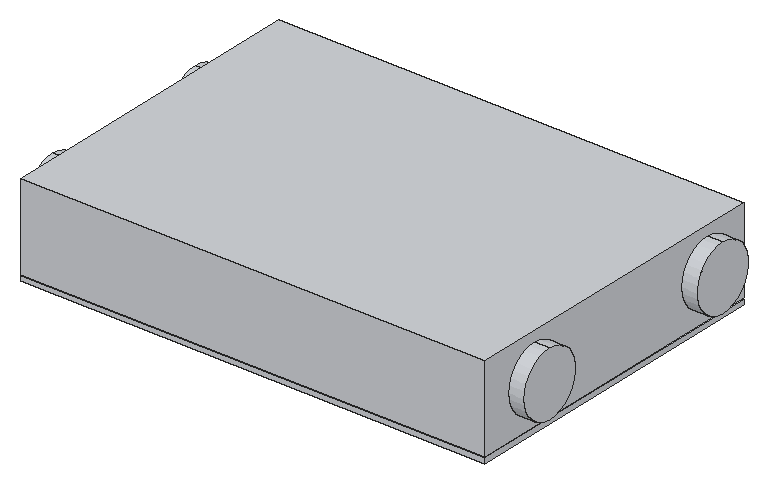
Revit family "AHU 4 _4", category Mechanické zařízení, Revit 2018
Family settings
  Kóta kulaté spojky = Použít průměr
  Typ dílu = Normální
  Číslo OmniClass = 23.75.00.00
  Nadpis OmniClass = Climate Control (HVAC)
  Založené na pracovní rovině = Ne
  Vždy vertikální = Ano
  Ořezat dutým tvarem při načtení = Ne
  Sdílené = Ne
  Bod výpočtu místnosti = Ne
Parameters (values of type "DUPLEXVENT 1500 Multi Eco")
  Width [instance] = 1.6 mm
  Weight [instance] = 269.00 kg
  URL = ""
  Type [instance] = "DUPLEXVENT 1500 Multi Eco"
  Total_SFP [instance] = 0
  Supply_outlet_hum [instance] = 90
  Supply_inlet_hum [instance] = 90
  Supply_ext_pressure [instance] = 0.0 Pa
  Supply_SFP [instance] = 0
  Source_adu_file [instance] = ""
  Recuperation_type [instance] = "Plate heat recovery exchanger"
  Recuperation_efficiency_EN308 [instance] = 0
  Project_name [instance] = ""
  Project_date [instance] = "10.8.2023"
  Power_supply_fusing [instance] = "0"
  Power_supply_cable [instance] = "0"
  Position [instance] = "AHU 4 "
  Phases_count [instance] = 1
  Panel_thickness [instance] = 0.06 mm
  Outer_surface [instance] = "RAL 9002"
  Length [instance] = 2.3 mm
  Insulation_type [instance] = "PUR"
  Insulation_thickness [instance] = 0.05 mm
  Installation_environment [instance] = ""
  Input_power_max [instance] = 1560 W
  Inner_surface [instance] = "Pozink"
  I2 [instance] = I1  # 0.0 L/s
  Height [instance] = 0.455 mm
  Exhaust_outlet_hum [instance] = 0
  Exhaust_inlet_hum [instance] = 40
  Exhaust_ext_pressure [instance] = 0.0 Pa
  Exhaust_SFP [instance] = 0
  E1 [instance] = E2 - M1  # 0.0 L/s
  E2 [instance] = 0.0 L/s
  I1 [instance] = 0.0 L/s
  Description = ""
  M1 [instance] = 0.0 L/s
  Device_dutypoint_version [instance] = "1"
  Device_design_version [instance] = "13"
  Device_adu_id [instance] = "4"
  Current_max [instance] = 7.8 A
  Casing_mat [instance] = "painted zinc layer"
  Cable type [instance] = "CYKY 3Jx2,5"
Reference planes
  plane 1 "Střed (vpředu/vzadu)": y = 0
  plane 2 "ref": z = 0
  plane 3 "Střed (vlevo/vpravo)": x = 0
Forms (mm)
  Sweep 1, solid
    path origin (0, 0, -425) x (0, 0, 1) y (1, 0, 0)
      loop
        line (0, 0) -> (425, 0)
    profile origin (0, 0, -425) x (1, 0, 0) y (0, 1, 0)
      loop
        line (0, 0) -> (2300, 0) -> (2300, 1600) -> (0, 1600) -> (0, 0)
  Sweep 2, solid
    path origin (2300, 300, -205) x (0, 0, -1) y (1, 0, 0)
      loop
        line (0, 0) -> (0, 80)
    profile origin (2300, 300, -205) x (0, 0, 1) y (0, -1, 0)
      loop
        circle (0, 0) r 158
  Sweep 3, solid
    path origin (0, 1185, -205) x (0, 0, -1) y (1, 0, 0)
      loop
        line (0, 0) -> (0, -80)
    profile origin (0, 1185, -205) x (0, 0, -1) y (0, -1, 0)
      loop
        circle (0, 0) r 158
  Sweep 4, solid
    path origin (0, 300, -205) x (0, 0, -1) y (1, 0, 0)
      loop
        line (0, 0) -> (0, -80)
    profile origin (0, 300, -205) x (0, 0, -1) y (0, -1, 0)
      loop
        circle (0, 0) r 158
  Sweep 5, solid
    path origin (2300, 1370, -205) x (0, 0, -1) y (1, 0, 0)
      loop
        line (0, 0) -> (0, 80)
    profile origin (2300, 1370, -205) x (0, 0, 1) y (0, -1, 0)
      loop
        circle (0, 0) r 158
  Sweep 6, solid
    path origin (2233, 1533, -425) x (0, -1, 0) y (0, 0, 1)
      loop
        line (0, 0) -> (0, -50)
    profile origin (2233, 1533, -425) x (-1, 0, 0) y (0, -1, 0)
      loop
        circle (0, 0) r 20
  Sweep 7, solid
    path origin (1051, 1533, -425) x (0, -1, 0) y (0, 0, 1)
      loop
        line (0, 0) -> (0, -50)
    profile origin (1051, 1533, -425) x (-1, 0, 0) y (0, -1, 0)
      loop
        circle (0, 0) r 20
  Sweep 8, solid
    path origin (0, 0, -455) x (0, 0, 1) y (1, 0, 0)
      loop
        line (0, 0) -> (25, 0)
    profile origin (0, 0, -455) x (1, 0, 0) y (0, 1, 0)
      loop
        line (0, 0) -> (2300, 0) -> (2300, 1600) -> (0, 1600) -> (0, 0)
  Sweep 9, solid
    path origin (0, 0, -415) x (0, 0, 1) y (1, 0, 0)
      loop
        line (0, 0) -> (305, 0)
    profile origin (0, 0, -415) x (1, 0, 0) y (0, 1, 0)
      loop
        line (1310, 1600) -> (1715, 1600) -> (1715, 1690) -> (1310, 1690) -> (1310, 1600)
  Sweep 10, solid
    path origin (1310, 1645, -263) x (0, 0, -1) y (1, 0, 0)
      loop
        line (0, 0) -> (0, -1)
    profile origin (1310, 1645, -263) x (0, 0, -1) y (0, -1, 0)
      loop
        circle (0, 0) r 10
Lines and regions (mm)
  model lines, style "Symbol"
    curve 1: line (1357, 0, 0) -> (1357, 320, 0)
    curve 2: line (1357, 1600, 0) -> (1357, 1280, 0)
    curve 3: line (0, 800, 0) -> (877, 800, 0)
    curve 4: line (2300, 800, 0) -> (1837, 800, 0)
    curve 5: line (877, 800, 0) -> (1117, 1280, 0)
    curve 6: line (1117, 1280, 0) -> (1597, 1280, 0)
    curve 7: line (1597, 1280, 0) -> (1837, 800, 0)
    curve 8: line (1837, 800, 0) -> (1597, 320, 0)
    curve 9: line (1597, 320, 0) -> (1357, 320, 0)
    curve 10: line (1357, 320, 0) -> (1117, 320, 0)
    curve 11: line (1117, 320, 0) -> (877, 800, 0)
    curve 12: line (352, 1086, 0) -> (96, 1130, 0)
    curve 13: line (352, 1314, 0) -> (96, 1270, 0)
    curve 14: line (1948, 1314, 0) -> (2204, 1270, 0)
    curve 15: line (1948, 1086, 0) -> (2204, 1130, 0)
    curve 16: line (2254, 640, 0) -> (2254, 160, 0)
    curve 17: line (2254, 160, 0) -> (2116, 160, 0)
    curve 18: line (2116, 160, 0) -> (2116, 640, 0)
    curve 19: line (2116, 640, 0) -> (2254, 640, 0)
    curve 20: line (2185, 640, 0) -> (2116, 400, 0)
    curve 21: line (2185, 160, 0) -> (2116, 400, 0)
    curve 22: line (46, 160, 0) -> (46, 640, 0)
    curve 23: line (46, 640, 0) -> (184, 640, 0)
    curve 24: line (184, 640, 0) -> (184, 160, 0)
    curve 25: line (184, 160, 0) -> (46, 160, 0)
    curve 26: line (115, 160, 0) -> (184, 400, 0)
    curve 27: line (115, 640, 0) -> (184, 400, 0)
    curve 28: line (1612, 316, 0) -> (1830, 744, 0)
    curve 29: line (1830, 744, 0) -> (1902, 708, 0)
    curve 30: line (1902, 708, 0) -> (1684, 280, 0)
    curve 31: line (1684, 280, 0) -> (1612, 316, 0)
    curve 32: line (1758, 584, 0) -> (1844, 612, 0)
    curve 33: line (1670, 412, 0) -> (1756, 440, 0)
    curve 34: line (2207, 1533, -425) -> (2259, 1533, -425)
    curve 35: line (2233, 1507, -425) -> (2233, 1559, -425)
    curve 36: line (1025, 1533, -425) -> (1077, 1533, -425)
    curve 37: line (1051, 1507, -425) -> (1051, 1559, -425)
    curve 38: line (2300, 0, -1655) -> (2300, 0, -455)
    curve 39: line (0, 0, -1655) -> (0, 0, -455)
    curve 40: line (2300, 0, -1655) -> (0, 0, -1655)
    curve 41: line (2300, 1600, -1655) -> (2300, 1600, -455)
    curve 42: line (0, 1600, -1655) -> (0, 1600, -455)
    curve 43: line (2300, 1600, -1655) -> (0, 1600, -1655)
    curve 44: line (2300, 0, -1655) -> (2300, 1600, -1655)
    curve 45: line (0, 0, -1655) -> (0, 1600, -1655)
    curve 46: line (2300, 1400, -1655) -> (2100, 1600, -1655)
    curve 47: line (2300, 1200, -1655) -> (1900, 1600, -1655)
    curve 48: line (2300, 1000, -1655) -> (1700, 1600, -1655)
    curve 49: line (2300, 800, -1655) -> (1500, 1600, -1655)
    curve 50: line (2300, 600, -1655) -> (1300, 1600, -1655)
    curve 51: line (2300, 400, -1655) -> (1100, 1600, -1655)
    curve 52: line (2300, 200, -1655) -> (900, 1600, -1655)
    curve 53: line (2300, 0, -1655) -> (700, 1600, -1655)
    curve 54: line (2100, 0, -1655) -> (500, 1600, -1655)
    curve 55: line (1900, 0, -1655) -> (300, 1600, -1655)
    curve 56: line (1700, 0, -1655) -> (100, 1600, -1655)
    curve 57: line (1500, 0, -1655) -> (0, 1500, -1655)
    curve 58: line (1300, 0, -1655) -> (0, 1300, -1655)
    curve 59: line (1100, 0, -1655) -> (0, 1100, -1655)
    curve 60: line (900, 0, -1655) -> (0, 900, -1655)
    curve 61: line (700, 0, -1655) -> (0, 700, -1655)
    curve 62: line (500, 0, -1655) -> (0, 500, -1655)
    curve 63: line (300, 0, -1655) -> (0, 300, -1655)
    curve 64: line (100, 0, -1655) -> (0, 100, -1655)
    curve 65: line (0, 1400, -1655) -> (0, 1600, -1455)
    curve 66: line (0, 1200, -1655) -> (0, 1600, -1255)
    curve 67: line (0, 1000, -1655) -> (0, 1600, -1055)
    curve 68: line (0, 800, -1655) -> (0, 1600, -855)
    curve 69: line (0, 600, -1655) -> (0, 1600, -655)
    curve 70: line (0, 400, -1655) -> (0, 1600, -455)
    curve 71: line (0, 200, -1655) -> (0, 1400, -455)
    curve 72: line (0, 0, -1655) -> (0, 1200, -455)
    curve 73: line (0, 0, -1455) -> (0, 1000, -455)
    curve 74: line (0, 0, -1255) -> (0, 800, -455)
    curve 75: line (0, 0, -1055) -> (0, 600, -455)
    curve 76: line (0, 0, -855) -> (0, 400, -455)
    curve 77: line (0, 0, -655) -> (0, 200, -455)
    curve 78: line (2300, 1600, -1455) -> (2100, 1600, -1655)
    curve 79: line (2300, 1600, -1255) -> (1900, 1600, -1655)
    curve 80: line (2300, 1600, -1055) -> (1700, 1600, -1655)
    curve 81: line (2300, 1600, -855) -> (1500, 1600, -1655)
    curve 82: line (2300, 1600, -655) -> (1300, 1600, -1655)
    curve 83: line (2300, 1600, -455) -> (1100, 1600, -1655)
    curve 84: line (2100, 1600, -455) -> (900, 1600, -1655)
    curve 85: line (1900, 1600, -455) -> (700, 1600, -1655)
    curve 86: line (1700, 1600, -455) -> (500, 1600, -1655)
    curve 87: line (1500, 1600, -455) -> (300, 1600, -1655)
    curve 88: line (1300, 1600, -455) -> (100, 1600, -1655)
    curve 89: line (1100, 1600, -455) -> (0, 1600, -1555)
    curve 90: line (900, 1600, -455) -> (0, 1600, -1355)
    curve 91: line (700, 1600, -455) -> (0, 1600, -1155)
    curve 92: line (500, 1600, -455) -> (0, 1600, -955)
    curve 93: line (300, 1600, -455) -> (0, 1600, -755)
    curve 94: line (100, 1600, -455) -> (0, 1600, -555)
    curve 95: line (0, 2320, 0) -> (0, 1600, 0)
    curve 96: line (2300, 2320, 0) -> (2300, 1600, 0)
    curve 97: line (0, 2320, 0) -> (2300, 2320, 0)
    curve 98: line (0, 2320, -425) -> (0, 1600, -425)
    curve 99: line (2300, 2320, -425) -> (2300, 1600, -425)
    curve 100: line (0, 2320, -425) -> (2300, 2320, -425)
    curve 101: line (0, 2320, 0) -> (0, 2320, -425)
    curve 102: line (2300, 2320, 0) -> (2300, 2320, -425)
    curve 103: line (0, 2320, -225) -> (200, 2320, -425)
    curve 104: line (0, 2320, -25) -> (400, 2320, -425)
    curve 105: line (175, 2320, 0) -> (600, 2320, -425)
    curve 106: line (375, 2320, 0) -> (800, 2320, -425)
    curve 107: line (575, 2320, 0) -> (1000, 2320, -425)
    curve 108: line (775, 2320, 0) -> (1200, 2320, -425)
    curve 109: line (975, 2320, 0) -> (1400, 2320, -425)
    curve 110: line (1175, 2320, 0) -> (1600, 2320, -425)
    curve 111: line (1375, 2320, 0) -> (1800, 2320, -425)
    curve 112: line (1575, 2320, 0) -> (2000, 2320, -425)
    curve 113: line (1775, 2320, 0) -> (2200, 2320, -425)
    curve 114: line (1975, 2320, 0) -> (2300, 2320, -325)
    curve 115: line (2175, 2320, 0) -> (2300, 2320, -125)
    curve 116: line (2300, 2320, -225) -> (2300, 2120, -425)
    curve 117: line (2300, 2320, -25) -> (2300, 1920, -425)
    curve 118: line (2300, 2145, 0) -> (2300, 1720, -425)
    curve 119: line (2300, 1945, 0) -> (2300, 1600, -345)
    curve 120: line (2300, 1745, 0) -> (2300, 1600, -145)
    curve 121: line (0, 2120, -425) -> (200, 2320, -425)
    curve 122: line (0, 1920, -425) -> (400, 2320, -425)
    curve 123: line (0, 1720, -425) -> (600, 2320, -425)
    curve 124: line (80, 1600, -425) -> (800, 2320, -425)
    curve 125: line (280, 1600, -425) -> (1000, 2320, -425)
    curve 126: line (480, 1600, -425) -> (1200, 2320, -425)
    curve 127: line (680, 1600, -425) -> (1400, 2320, -425)
    curve 128: line (880, 1600, -425) -> (1600, 2320, -425)
    curve 129: line (1080, 1600, -425) -> (1800, 2320, -425)
    curve 130: line (1280, 1600, -425) -> (2000, 2320, -425)
    curve 131: line (1480, 1600, -425) -> (2200, 2320, -425)
    curve 132: line (1680, 1600, -425) -> (2300, 2220, -425)
    curve 133: line (1880, 1600, -425) -> (2300, 2020, -425)
    curve 134: line (2080, 1600, -425) -> (2300, 1820, -425)
    curve 135: line (2280, 1600, -425) -> (2300, 1620, -425)
    curve 136: line (0, 0, -430) -> (0, 1600, -430)
    curve 137: line (0, 1600, -430) -> (1120, 1600, -430)
    curve 138: line (1120, 1600, -430) -> (1120, 0, -430)
    curve 139: line (1120, 0, -430) -> (0, 0, -430)
    curve 140: line (1380, 0, -430) -> (1380, 1600, -430)
    curve 141: line (1380, 1600, -430) -> (2300, 1600, -430)
    curve 142: line (2300, 1600, -430) -> (2300, 0, -430)
    curve 143: line (2300, 0, -430) -> (1380, 0, -430)
    curve 144: line (0, 0, -430) -> (2300, 0, -430)
    curve 145: line (0, 1600, -430) -> (2300, 1600, -430)
    curve 146: line (0, 0, -430) -> (0, 1600, -430)
    curve 147: line (2300, 0, -430) -> (2300, 1600, -430)
    curve 148: line (0, 0, -430) -> (0, 0, -455)
    curve 149: line (2300, 0, -430) -> (2300, 0, -455)
    curve 150: line (0, 1600, -430) -> (0, 1600, -455)
    curve 151: line (2300, 1600, -430) -> (2300, 1600, -455)
    curve 152: line (-9, 1650, 0) -> (42, 1650, 0)
    curve 153: line (42, 1650, 0) -> (42, 1600, 0)
    curve 154: line (42, 1600, 0) -> (-9, 1600, 0)
    curve 155: line (-9, 1600, 0) -> (-9, 1650, 0)
    curve 156: line (-9, 1600, -150) -> (-9, 1600, 0)
    curve 157: line (-9, 1600, 0) -> (42, 1600, 0)
    curve 158: line (42, 1600, 0) -> (42, 1600, -150)
    curve 159: line (42, 1600, -150) -> (-9, 1600, -150)
    curve 160: line (-9, 1613, -150) -> (-9, 1650, 0)
    curve 161: line (-9, 1650, 0) -> (-9, 1600, 0)
    curve 162: line (-9, 1600, 0) -> (-9, 1600, -150)
    curve 163: line (-9, 1600, -150) -> (-9, 1613, -150)
    curve 164: line (42, 1613, -150) -> (42, 1650, 0)
    curve 165: line (42, 1650, 0) -> (42, 1600, 0)
    curve 166: line (42, 1600, 0) -> (42, 1600, -150)
    curve 167: line (42, 1600, -150) -> (42, 1613, -150)
    curve 168: line (42, -50, 0) -> (-9, -50, 0)
    curve 169: line (-9, -50, 0) -> (-9, 0, 0)
    curve 170: line (-9, 0, 0) -> (42, 0, 0)
    curve 171: line (42, 0, 0) -> (42, -50, 0)
    curve 172: line (42, 0, -150) -> (42, 0, 0)
    curve 173: line (42, 0, 0) -> (-9, 0, 0)
    curve 174: line (-9, 0, 0) -> (-9, 0, -150)
    curve 175: line (-9, 0, -150) -> (42, 0, -150)
    curve 176: line (42, -13, -150) -> (42, -50, 0)
    curve 177: line (42, -50, 0) -> (42, 0, 0)
    curve 178: line (42, 0, 0) -> (42, 0, -150)
    curve 179: line (42, 0, -150) -> (42, -13, -150)
    curve 180: line (-9, -13, -150) -> (-9, -50, 0)
    curve 181: line (-9, -50, 0) -> (-9, 0, 0)
    curve 182: line (-9, 0, 0) -> (-9, 0, -150)
    curve 183: line (-9, 0, -150) -> (-9, -13, -150)
    curve 184: line (2309, -50, 0) -> (2259, -50, 0)
    curve 185: line (2259, -50, 0) -> (2259, 0, 0)
    curve 186: line (2259, 0, 0) -> (2309, 0, 0)
    curve 187: line (2309, 0, 0) -> (2309, -50, 0)
    curve 188: line (2309, 0, -150) -> (2309, 0, 0)
    curve 189: line (2309, 0, 0) -> (2259, 0, 0)
    curve 190: line (2259, 0, 0) -> (2259, 0, -150)
    curve 191: line (2259, 0, -150) -> (2309, 0, -150)
    curve 192: line (2309, -13, -150) -> (2309, -50, 0)
    curve 193: line (2309, -50, 0) -> (2309, 0, 0)
    curve 194: line (2309, 0, 0) -> (2309, 0, -150)
    curve 195: line (2309, 0, -150) -> (2309, -13, -150)
    curve 196: line (2259, -13, -150) -> (2259, -50, 0)
    curve 197: line (2259, -50, 0) -> (2259, 0, 0)
    curve 198: line (2259, 0, 0) -> (2259, 0, -150)
    curve 199: line (2259, 0, -150) -> (2259, -13, -150)
    curve 200: line (2259, 1650, 0) -> (2309, 1650, 0)
    curve 201: line (2309, 1650, 0) -> (2309, 1600, 0)
    curve 202: line (2309, 1600, 0) -> (2259, 1600, 0)
    curve 203: line (2259, 1600, 0) -> (2259, 1650, 0)
    curve 204: line (2259, 1600, -150) -> (2259, 1600, 0)
    curve 205: line (2259, 1600, 0) -> (2309, 1600, 0)
    curve 206: line (2309, 1600, 0) -> (2309, 1600, -150)
    curve 207: line (2309, 1600, -150) -> (2259, 1600, -150)
    curve 208: line (2259, 1613, -150) -> (2259, 1650, 0)
    curve 209: line (2259, 1650, 0) -> (2259, 1600, 0)
    curve 210: line (2259, 1600, 0) -> (2259, 1600, -150)
    curve 211: line (2259, 1600, -150) -> (2259, 1613, -150)
    curve 212: line (2309, 1613, -150) -> (2309, 1650, 0)
    curve 213: line (2309, 1650, 0) -> (2309, 1600, 0)
    curve 214: line (2309, 1600, 0) -> (2309, 1600, -150)
    curve 215: line (2309, 1600, -150) -> (2309, 1613, -150)
    curve 216: circle (240, 1200, 0) r 160 normal (0, 0, 1)
    curve 217: circle (2060, 1200, 0) r 160 normal (0, 0, 1)
    curve 218: circle (1801, 598, 0) r 12 normal (0, 0, 1)
    curve 219: circle (1713, 426, 0) r 12 normal (0, 0, 1)
    curve 220: circle (2233, 1533, -425) r 20 normal (0, 0, 1)
    curve 221: circle (1051, 1533, -425) r 20 normal (0, 0, 1)
    curve 222: circle (17, 1625, 0) r 5 normal (0, 0, 1)
    curve 223: circle (17, -25, 0) r 5 normal (0, 0, 1)
    curve 224: circle (2284, -25, 0) r 5 normal (0, 0, 1)
    curve 225: circle (2284, 1625, 0) r 5 normal (0, 0, 1)
Dimensions and locks
  aligned and locked: level to plane 2 "ref"
Connectors
  hvac at (2380, 300, -205), driven by "E1"
    settings: on Sweep 2, index 1, duct flow 0.0 L/s, flow factor 0, pres drop 0.0 Pa, loss coef 0, conn angle 0.00°, conn width 304.8 mm, conn height 304.8 mm, conn diameter 315 mm, duct sys type 1, conn prof type 0, flow config 1, flow direction 1, loss method 0, conn ref index -1, conn util no, is conn primary yes, conn desc ""
  hvac at (-80, 1185, -205), driven by "E2"
    settings: on Sweep 3, index 2, duct flow 0.0 L/s, flow factor 1, pres drop 0.0 Pa, loss coef 0, conn angle 0.00°, conn width 304.8 mm, conn height 304.8 mm, conn diameter 315 mm, duct sys type 1, conn prof type 0, flow config 2, flow direction 2, loss method 0, conn ref index -1, conn util no, is conn primary no, conn desc ""
  hvac at (-80, 300, -205), driven by "I1"
    settings: on Sweep 4, index 3, duct flow 0.0 L/s, flow factor 1, pres drop 0.0 Pa, loss coef 0, conn angle 0.00°, conn width 304.8 mm, conn height 304.8 mm, conn diameter 315 mm, duct sys type 3, conn prof type 0, flow config 2, flow direction 1, loss method 0, conn ref index -1, conn util no, is conn primary no, conn desc ""
  hvac at (2380, 1370, -205), driven by "I2"
    settings: on Sweep 5, index 4, duct flow 0.0 L/s, flow factor 0, pres drop 0.0 Pa, loss coef 0, conn angle 0.00°, conn width 304.8 mm, conn height 304.8 mm, conn diameter 315 mm, duct sys type 3, conn prof type 0, flow config 1, flow direction 2, loss method 0, conn ref index -1, conn util no, is conn primary no, conn desc ""
  piping at (2233, 1533, -475), diameter 40
    settings: on Sweep 6, index 5, connector inside diameter 609.6 mm, connector length 0 mm, flow factor 0, pipe flow 0.0 L/s, pressure drop 0.0 Pa, fitting loss kfactor 0, connector angle 0.00°, fixture units 0, engagement length 0 mm, angle of deflection 0.00°, flow configuration 1, flow direction 2, fitting loss method 0, system type 16, joint type 0, gender type 0, connector reference index -1, connector utility 0, adjustable connector no, is connector primary yes, connector description ""
  piping at (1051, 1533, -475), diameter 40
    settings: on Sweep 7, index 6, connector inside diameter 609.6 mm, connector length 0 mm, flow factor 0, pipe flow 0.0 L/s, pressure drop 0.0 Pa, fitting loss kfactor 0, connector angle 0.00°, fixture units 0, engagement length 0 mm, angle of deflection 0.00°, flow configuration 1, flow direction 2, fitting loss method 0, system type 16, joint type 0, gender type 0, connector reference index -1, connector utility 0, adjustable connector no, is connector primary no, connector description ""
  electrical at (1309, 1645, -263)
    settings: on Sweep 10, index 7, voltage 230 V, apparent load 0 VA, apparent load phase1 0 VA, apparent load phase2 0 VA, apparent load phase3 0 VA, power factor 1, load classification "Další", number of poles 1, system type 31, power factor state 1, is connector primary yes, connector utility no, sub classification motor no, connector description ""
